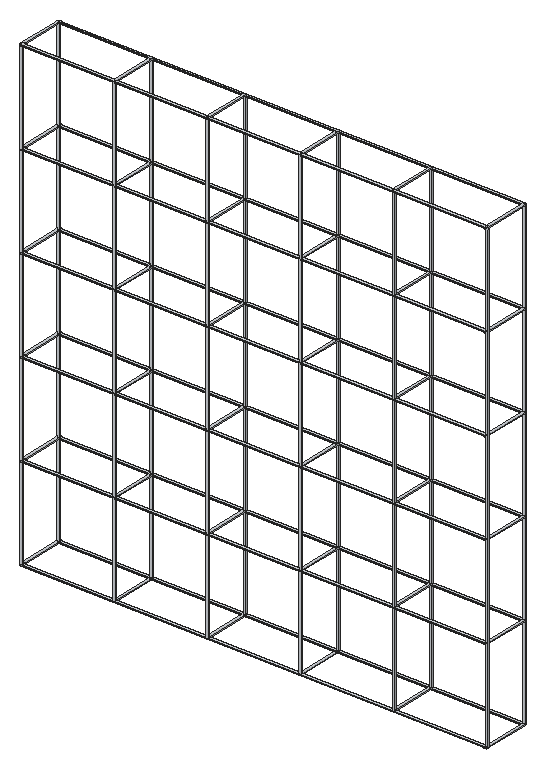
Revit family "Estante de Ferro Industrial - 5 x 5", category Mobiliário, Revit 2019
Family settings
  Número OmniClass = 23.40.20.00
  Título OmniClass = General Furniture and Specialties
  Com base no plano de trabalho = Não
  Sempre na vertical = Sim
  Corte com vazios quando carregada = Não
  Compartilhado = Não
  Ponto de cálculo do ambiente = Não
Parameters (values of type "Padrão")
  Profundidade [instance] = 20 cm
  Nicho = none
  Largura [instance] = 200 cm
  Estrutura = none
  Altura Nicho Horizontal [instance] = 18 cm
  Altura [instance] = 200 cm
Types (2, lengths in cm): name | Nicho | Estrutura
  Padrão | none | none
  200 x 200 x 20 | Madeira Nichos | Ferro Preto
Reference planes (cm)
  plane 1 "Centro (Frente/Trás)": y = 0
  plane 2: z = 0
  plane 3: x = 75
  plane 4: x = -125
  plane 5: y = 10
  plane 6: y = -10
  plane 7: z = 200
  plane 8: z = 40
  plane 9: z = 80
  plane 10: z = 120
  plane 11: z = 160
  plane 12: x = 35
  plane 13: x = -85
  plane 14: x = -5
  plane 15: x = -45
Forms (cm)
  Extrusion 1, solid, material <- "Estrutura"
    sketch origin (128.265, 32.5479, 0) x (1, 0, 0) y (0, 1, 0)
      loop
        circle (-53.265, -22.5479) r 0.5
      loop
        circle (-93.265, -22.5479) r 0.5
      loop
        circle (-133.265, -22.5479) r 0.5
      loop
        circle (-173.265, -22.5479) r 0.5
      loop
        circle (-213.265, -22.5479) r 0.5
      loop
        circle (-253.265, -22.5479) r 0.5
    from 0 to 200 <- "Altura"
  Extrusion 2, solid, material <- "Estrutura"
    sketch origin (0, 0, 0) x (0, 1, 0) y (0, 0, 1)
      loop
        circle (10, 200) r 0.5
      loop
        circle (10, 160) r 0.5
      loop
        circle (10, 40) r 0.5
      loop
        circle (10, 80) r 0.5
      loop
        circle (10, 120) r 0.5
      loop
        circle (10, 0) r 0.5
    from -125 to 75
  Extrusion 3, solid, material <- "Estrutura"
    sketch origin (0, -23.5, 0) x (0, 1, 0) y (0, 0, 1)
      loop
        circle (13.5, 200) r 0.5
      loop
        circle (13.5, 160) r 0.5
      loop
        circle (13.5, 40) r 0.5
      loop
        circle (13.5, 80) r 0.5
      loop
        circle (13.5, 120) r 0.5
      loop
        circle (13.5, 0) r 0.5
    from -125 to 75
  Extrusion 4, solid, material <- "Estrutura"
    sketch origin (128.265, 12.5479, 0) x (1, 0, 0) y (0, 1, 0)
      loop
        circle (-53.265, -22.5479) r 0.5
      loop
        circle (-93.265, -22.5479) r 0.5
      loop
        circle (-133.265, -22.5479) r 0.5
      loop
        circle (-173.265, -22.5479) r 0.5
      loop
        circle (-213.265, -22.5479) r 0.5
      loop
        circle (-253.265, -22.5479) r 0.5
    from 0 to 200 <- "Altura"
  Extrusion 5, solid, material <- "Estrutura"
    sketch origin (0, 0, 0) x (1, 0, 0) y (0, 0, 1)
      loop
        circle (-125, 200) r 0.5
      loop
        circle (-85, 200) r 0.5
      loop
        circle (-45, 200) r 0.5
      loop
        circle (-5, 200) r 0.5
      loop
        circle (35, 200) r 0.5
      loop
        circle (75, 200) r 0.5
      loop
        circle (-125, 160) r 0.5
      loop
        circle (-85, 160) r 0.5
      loop
        circle (-45, 160) r 0.5
      loop
        circle (-5, 160) r 0.5
      loop
        circle (35, 160) r 0.5
      loop
        circle (75, 160) r 0.5
      loop
        circle (-125, 120) r 0.5
      loop
        circle (-85, 120) r 0.5
      loop
        circle (-45, 120) r 0.5
      loop
        circle (-5, 120) r 0.5
      loop
        circle (35, 120) r 0.5
      loop
        circle (75, 120) r 0.5
      loop
        circle (-125, 80) r 0.5
      loop
        circle (-85, 80) r 0.5
      loop
        circle (-45, 80) r 0.5
      loop
        circle (-5, 80) r 0.5
      loop
        circle (35, 80) r 0.5
      loop
        circle (75, 80) r 0.5
      loop
        circle (-125, 40) r 0.5
      loop
        circle (-85, 40) r 0.5
      loop
        circle (-45, 40) r 0.5
      loop
        circle (-5, 40) r 0.5
      loop
        circle (35, 40) r 0.5
      loop
        circle (75, 40) r 0.5
      loop
        circle (-125, 0) r 0.5
      loop
        circle (-85, 0) r 0.5
      loop
        circle (-45, 0) r 0.5
      loop
        circle (-5, 0) r 0.5
      loop
        circle (35, 0) r 0.5
      loop
        circle (75, 0) r 0.5
    from -10 to 10
Dimensions and locks (cm)
  plane 4 to plane 3 = 200 cm
  equal spacing: plane 5, plane 1 "Centro (Frente/Trás)", plane 6
  "Profundidade": plane 5 to plane 6
  equal spacing: plane 4, plane 13, plane 15, plane 14, plane 12, plane 3
  "Largura": plane 4 to plane 3
  equal spacing: plane 7, plane 11, plane 10, plane 9, plane 8, level
  "Altura": plane 7 to level
  plane 5 to plane 6 = 20 cm
  aligned and locked: level to plane 2
  aligned and locked: plane 7 to Extrusion 1
  aligned and locked: plane 7 to Extrusion 2 sketch curve
  aligned and locked: plane 11 to Extrusion 2 sketch curve
  aligned and locked: plane 10 to Extrusion 2 sketch curve
  aligned and locked: plane 9 to Extrusion 2 sketch curve
  aligned and locked: plane 8 to Extrusion 2 sketch curve
  aligned and locked: level to Extrusion 2 sketch curve
  aligned and locked: Extrusion 2 to plane 3
  aligned and locked: plane 4 to Extrusion 2
  aligned and locked: plane 4 to Extrusion 1 sketch curve
  aligned and locked: plane 13 to Extrusion 1 sketch curve
  aligned and locked: plane 15 to Extrusion 1 sketch curve
  aligned and locked: plane 14 to Extrusion 1 sketch curve
  aligned and locked: plane 12 to Extrusion 1 sketch curve
  aligned and locked: plane 3 to Extrusion 1 sketch curve
  aligned and locked: plane 6 to Extrusion 3 sketch curve  (x6)
  aligned and locked: level to Extrusion 3 sketch curve
  aligned and locked: plane 8 to Extrusion 3 sketch curve
  aligned and locked: plane 9 to Extrusion 3 sketch curve
  aligned and locked: plane 10 to Extrusion 3 sketch curve
  aligned and locked: plane 11 to Extrusion 3 sketch curve
  aligned and locked: plane 7 to Extrusion 3 sketch curve
  aligned and locked: plane 4 to Extrusion 3
  aligned and locked: plane 6 to Extrusion 4
  aligned and locked: plane 4 to Extrusion 4 sketch curve
  aligned and locked: plane 13 to Extrusion 4 sketch curve
  aligned and locked: plane 15 to Extrusion 4 sketch curve
  aligned and locked: plane 14 to Extrusion 4 sketch curve
  aligned and locked: plane 12 to Extrusion 4 sketch curve
  aligned and locked: plane 3 to Extrusion 4 sketch curve
  aligned and locked: plane 6 to Extrusion 4 sketch curve  (x6)
  aligned and locked: plane 4 to Extrusion 5 sketch curve  (x6)
  aligned and locked: plane 7 to Extrusion 5 sketch curve  (x6)
  aligned and locked: plane 3 to Extrusion 5 sketch curve  (x6)
  aligned and locked: Extrusion 5 sketch curve to plane 12
  aligned and locked: plane 14 to Extrusion 5 sketch curve  (x6)
  aligned and locked: plane 15 to Extrusion 5 sketch curve  (x6)
  aligned and locked: Extrusion 5 sketch curve to plane 13
  aligned and locked: plane 13 to Extrusion 5 sketch curve  (x5)
  aligned and locked: plane 12 to Extrusion 5 sketch curve  (x5)
  aligned and locked: level to Extrusion 5 sketch curve  (x6)
  aligned and locked: plane 8 to Extrusion 5 sketch curve  (x5)
  aligned and locked: plane 9 to Extrusion 5 sketch curve  (x5)
  aligned and locked: plane 10 to Extrusion 5 sketch curve  (x6)
  aligned and locked: plane 11 to Extrusion 5 sketch curve  (x6)
  aligned and locked: plane 5 to Extrusion 5
  aligned and locked: Extrusion 5 to plane 6
Automatic sketch dimensions
  Extrusion 1 sketch curve to plane 5 = 0 cm  (x6)
  Extrusion 2 sketch curve to plane 5 = 0 cm  (x6)
  Extrusion 5 sketch curve to plane 8 = 0 cm
  Extrusion 5 sketch curve to plane 9 = 0 cm
  Extrusion 5 sketch curve to plane 11 = 0 cm
  radius of Extrusion 1 sketch curve = 0.5 cm  (x6)
  radius of Extrusion 2 sketch curve = 0.5 cm  (x6)
  radius of Extrusion 3 sketch curve = 0.5 cm  (x6)
  radius of Extrusion 4 sketch curve = 0.5 cm  (x6)
  radius of Extrusion 5 sketch curve = 0.5 cm  (x36)
